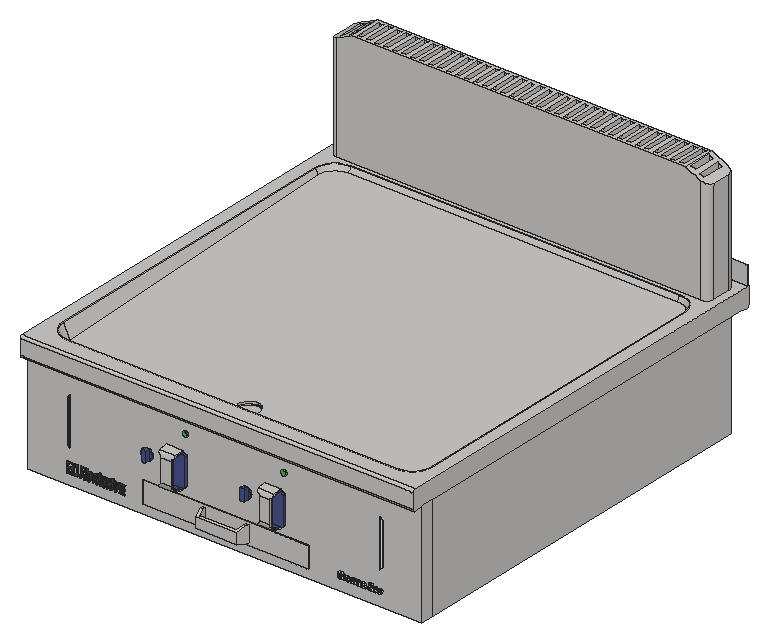
Revit family "QF_ELECTROLUXPROFESSIONAL_588533_MBHMBBHOPO", category Attrezzature speciali, Revit 2020
Family settings
  Quota connettore circolare = Usa diametro
  Tipo di parte = Normale
  Basato su piano di lavoro = No
  Sempre verticale = Sì
  Taglio con vuoti quando caricato = No
  Condiviso = No
  Punto di calcolo locali = No
Parameters (values of type "Standard")
  Weight = 120.00 kg
  Watts = 0 W
  Volts = 0 V
  URL Manufacturer = "https://www.electroluxprofessional.com/"
  URL = "https://www.electroluxprofessional.com/"
  Steam Supply Size = 0"
  Steam Supply Minimum Pressure = 0.00 psi
  Steam Supply Maximum Pressure = 0.00 psi
  Steam Consumption per Hour = 0
  Refrigeration Suction Line Size = 0 mm
  Refrigeration Liquid Line Size = 0 mm
  Refrigerant Compressor Remote = yes
  Prospetto di default = 0 mm
  Phase = 0
  Modello = "MBHMBBHOPO"
  Produttore = "Electrolux Professional"
  Length Actual = 800 mm  # constant formula
  Item Number = "588533"
  Hot Water Size = 0"
  Height Actual = 250 mm  # constant formula
  HP = "0 HP"
  Gas Size = 1/2"
  Gas KW = 20
  Gas Input Pressure = 0.672036 Btu/h
  Direct Waste Size = 0"
  Descrizione = "GAS FRYTOP,SMOOTH,1-S,BSPL,800X850X250H"
  Depth Actual = 850 mm  # constant formula
  Cycle = 0 Hz
  Condensate Return Size = 0"
  Compressed Air Volume = 0 GPM
  Compressed Air Size = 0"
  Compressed Air Pressure = 0.00 psi
  Cold Water Size = 0"
  Accessory = yes
Reference planes
  plane 1 "BACK": y = 0
  plane 2: z = 0
  plane 3 "LEFT": x = 0
  plane 4 "RIGHT": x = 800
  plane 5 "FRONT": y = -850
  plane 6 "TOP": z = 900
  plane 7 "Center (Left/Right)": x = 400
  plane 8: y = -425
  plane 9: y = -150
  plane 10: y = -65
  plane 11: y = -813
  plane 12 "GasY": y = -540
  plane 13: z = 938
  plane 14 "BaseTop": z = 650
  plane 15: y = -805
  plane 16 "Camino": y = -50
  plane 17: z = 1131
  plane 18 "GASx": x = 764
Forms (mm)
  Extrusion 1, solid, material "QF_Finishes_Stainless Steel"
    sketch origin (-178.969, -4572, 100) x (-1, 0, 0) y (0, -1, 0)
      loop
        line (-178.969, -4527) -> (-178.969, -3767) -> (-978.969, -3767) -> (-978.969, -4527) -> (-178.969, -4527)
    from 550 to 762.969
  Extrusion 2, solid, material "QF_Finishes_Stainless Steel"
    sketch origin (400, 296.4, 1219.2) x (0, 1, 0) y (0, 0, 1)
      loop
        line (-296.4, -319.2) -> (-1141.4, -319.2)
        arc (-1141.4, -319.2) -> (-1144.935, -320.664) -> (-1146.4, -324.2) r 5
        line (-1146.4, -324.2) -> (-1146.4, -355.2)
        arc (-1146.4, -355.2) -> (-1144.971, -358.264) -> (-1141.705, -359.139) r 4
        line (-1141.705, -359.139) -> (-1126.4, -356.231) -> (-316.4, -356.231) -> (-301.094, -359.139)
        arc (-301.094, -359.139) -> (-297.829, -358.264) -> (-296.4, -355.2) r 4
        line (-296.4, -355.2) -> (-296.4, -319.2)
    from -400 to 400
  Extrusion 3, void
    sketch origin (0, 0, 900) x (-1, 0, 0) y (0, -1, 0)
      loop
        arc (-65, 92) -> (-36.716, 103.716) -> (-25, 132) r 40
        line (-25, 132) -> (-25, 773)
        arc (-25, 773) -> (-36.716, 801.284) -> (-65, 813) r 40
        line (-65, 813) -> (-735, 813)
        arc (-735, 813) -> (-763.284, 801.284) -> (-775, 773) r 40
        line (-775, 773) -> (-775, 132)
        arc (-775, 132) -> (-763.284, 103.716) -> (-735, 92) r 40
        line (-735, 92) -> (-65, 92)
    from 0 to -30
  Extrusion 4, solid, material "QF_Finishes_Stainless Steel"
    sketch origin (400, 296.4, 1219.2) x (0, 1, 0) y (0, 0, 1)
      loop
        line (-296.4, -319.2) -> (-296.4, -281.2) -> (-298.4, -281.2) -> (-298.4, -319.2) -> (-296.4, -319.2)
    from 400 to -400
  Extrusion 5, solid, material "QF_Finishes_Stainless Steel"
    sketch origin (9, 0, 650) x (-1, 0, 0) y (0, -1, 0)
      loop
        circle (-755, 540) r 10.1
    from 0 to -10
  Sweep 6, solid, material "QF_Finishes_Stainless Steel"
    path origin (0, 0, 900) x (-1, 0, 0) y (0, -1, 0)
      loop
        line (-25, 132) -> (-25, 773)
        arc (-25, 773) -> (-36.716, 801.284) -> (-65, 813) r 40
        line (-65, 813) -> (-735, 813)
        arc (-735, 813) -> (-763.284, 801.284) -> (-775, 773) r 40
        line (-775, 773) -> (-775, 132)
        arc (-775, 132) -> (-763.284, 103.716) -> (-735, 92) r 40
        line (-735, 92) -> (-65, 92)
        arc (-65, 92) -> (-36.716, 103.716) -> (-25, 132) r 40
    profile origin (25, -452.5, 900) x (1, 0, 0) y (0, 0, 1)
      loop
        line (0, 0) -> (0, -30) -> (15, -30) -> (0, 0)
  Extrusion 7, void
    sketch origin (305.009, 0, 900) x (-1, 0, 0) y (0, -1, 0)
      loop
        circle (-94.991, 769) r 22.248
    from -32.282 to -6.62
  Extrusion 8, solid, material "QF_Finishes_Stainless Steel"
    sketch origin (0, -50, 900) x (1, 0, 0) y (0, 0, 1)
      loop
        line (15, 0) -> (785, 0) -> (785, 209.869) -> (739.685, 231) -> (60.315, 231) -> (15, 209.869) -> (15, 0)
    from 33 to -33
  Extrusion 9, void
    sketch origin (0, 0, 900) x (-1, 0, 0) y (0, -1, 0)
      loop
        line (-15, 83) -> (-30, 83)
        arc (-30, 83) -> (-19.393, 78.607) -> (-15, 68) r 15
        line (-15, 68) -> (-15, 83)
      loop
        line (-15, 17) -> (-15, 32)
        arc (-15, 32) -> (-19.393, 21.393) -> (-30, 17) r 15
        line (-30, 17) -> (-15, 17)
      loop
        line (-785, 83) -> (-785, 68)
        arc (-785, 68) -> (-780.607, 78.607) -> (-770, 83) r 15
        line (-770, 83) -> (-785, 83)
      loop
        line (-785, 17) -> (-770, 17)
        arc (-770, 17) -> (-780.607, 21.393) -> (-785, 32) r 15
        line (-785, 32) -> (-785, 17)
      loop
        line (-413.234, 23) -> (-413.234, 77) -> (-423.234, 77) -> (-423.234, 23) -> (-413.234, 23)
      loop
        line (-395, 23) -> (-395, 77) -> (-405, 77) -> (-405, 23) -> (-395, 23)
      loop
        line (-431.469, 23) -> (-431.469, 77) -> (-441.469, 77) -> (-441.469, 23) -> (-431.469, 23)
      loop
        line (-449.703, 23) -> (-449.703, 77) -> (-459.703, 77) -> (-459.703, 23) -> (-449.703, 23)
      loop
        line (-467.938, 23) -> (-467.938, 77) -> (-477.938, 77) -> (-477.938, 23) -> (-467.938, 23)
      loop
        line (-486.172, 23) -> (-486.172, 77) -> (-496.172, 77) -> (-496.172, 23) -> (-486.172, 23)
      loop
        line (-504.406, 23) -> (-504.406, 77) -> (-514.406, 77) -> (-514.406, 23) -> (-504.406, 23)
      loop
        line (-522.641, 23) -> (-522.641, 77) -> (-532.641, 77) -> (-532.641, 23) -> (-522.641, 23)
      loop
        line (-540.875, 23) -> (-540.875, 77) -> (-550.875, 77) -> (-550.875, 23) -> (-540.875, 23)
      loop
        line (-559.109, 23) -> (-559.109, 77) -> (-569.109, 77) -> (-569.109, 23) -> (-559.109, 23)
      loop
        line (-577.344, 23) -> (-577.344, 77) -> (-587.344, 77) -> (-587.344, 23) -> (-577.344, 23)
      loop
        line (-595.578, 23) -> (-595.578, 77) -> (-605.578, 77) -> (-605.578, 23) -> (-595.578, 23)
      loop
        line (-613.813, 23) -> (-613.813, 77) -> (-623.813, 77) -> (-623.813, 23) -> (-613.813, 23)
      loop
        line (-632.047, 23) -> (-632.047, 77) -> (-642.047, 77) -> (-642.047, 23) -> (-632.047, 23)
      loop
        line (-650.281, 23) -> (-650.281, 77) -> (-660.281, 77) -> (-660.281, 23) -> (-650.281, 23)
      loop
        line (-668.516, 23) -> (-668.516, 77) -> (-678.516, 77) -> (-678.516, 23) -> (-668.516, 23)
      loop
        line (-686.75, 23) -> (-686.75, 77) -> (-696.75, 77) -> (-696.75, 23) -> (-686.75, 23)
      loop
        line (-704.985, 23) -> (-704.985, 77) -> (-714.985, 77) -> (-714.985, 23) -> (-704.985, 23)
      loop
        line (-723.219, 23) -> (-723.219, 77) -> (-733.219, 77) -> (-733.219, 23) -> (-723.219, 23)
      loop
        line (-741.453, 26) -> (-741.453, 74) -> (-751.453, 74) -> (-751.453, 26) -> (-741.453, 26)
      loop
        line (-759.688, 26) -> (-759.688, 74) -> (-769.688, 74) -> (-769.688, 26) -> (-759.688, 26)
      loop
        line (-386.766, 23) -> (-376.766, 23) -> (-376.766, 77) -> (-386.766, 77) -> (-386.766, 23)
      loop
        line (-368.531, 23) -> (-358.531, 23) -> (-358.531, 77) -> (-368.531, 77) -> (-368.531, 23)
      loop
        line (-350.297, 23) -> (-340.297, 23) -> (-340.297, 77) -> (-350.297, 77) -> (-350.297, 23)
      loop
        line (-332.062, 23) -> (-322.062, 23) -> (-322.062, 77) -> (-332.062, 77) -> (-332.062, 23)
      loop
        line (-313.828, 23) -> (-303.828, 23) -> (-303.828, 77) -> (-313.828, 77) -> (-313.828, 23)
      loop
        line (-295.594, 23) -> (-285.594, 23) -> (-285.594, 77) -> (-295.594, 77) -> (-295.594, 23)
      loop
        line (-277.359, 23) -> (-267.359, 23) -> (-267.359, 77) -> (-277.359, 77) -> (-277.359, 23)
      loop
        line (-259.125, 23) -> (-249.125, 23) -> (-249.125, 77) -> (-259.125, 77) -> (-259.125, 23)
      loop
        line (-240.891, 23) -> (-230.891, 23) -> (-230.891, 77) -> (-240.891, 77) -> (-240.891, 23)
      loop
        line (-222.656, 23) -> (-212.656, 23) -> (-212.656, 77) -> (-222.656, 77) -> (-222.656, 23)
      loop
        line (-204.422, 23) -> (-194.422, 23) -> (-194.422, 77) -> (-204.422, 77) -> (-204.422, 23)
      loop
        line (-186.187, 23) -> (-176.187, 23) -> (-176.187, 77) -> (-186.187, 77) -> (-186.187, 23)
      loop
        line (-167.953, 23) -> (-157.953, 23) -> (-157.953, 77) -> (-167.953, 77) -> (-167.953, 23)
      loop
        line (-149.719, 23) -> (-139.719, 23) -> (-139.719, 77) -> (-149.719, 77) -> (-149.719, 23)
      loop
        line (-131.484, 23) -> (-121.484, 23) -> (-121.484, 77) -> (-131.484, 77) -> (-131.484, 23)
      loop
        line (-113.25, 23) -> (-103.25, 23) -> (-103.25, 77) -> (-113.25, 77) -> (-113.25, 23)
      loop
        line (-95.015, 23) -> (-85.015, 23) -> (-85.015, 77) -> (-95.015, 77) -> (-95.015, 23)
      loop
        line (-76.781, 23) -> (-66.781, 23) -> (-66.781, 77) -> (-76.781, 77) -> (-76.781, 23)
      loop
        line (-58.547, 26) -> (-48.547, 26) -> (-48.547, 74) -> (-58.547, 74) -> (-58.547, 26)
      loop
        line (-40.312, 26) -> (-30.312, 26) -> (-30.312, 74) -> (-40.312, 74) -> (-40.312, 26)
    from 231 to 0
  Extrusion 10, solid, material "QF_Finishes_Stainless Steel"
    sketch origin (400, 296.4, 1219.2) x (0, 1, 0) y (0, 0, 1)
      loop
        line (-1109.4, -349.2) -> (-388.4, -349.2) -> (-388.4, -329.2) -> (-1109.4, -347.5) -> (-1109.4, -349.2)
    from -375 to 375
  Extrusion 11, void
    sketch origin (305.009, 0, 900) x (-1, 0, 0) y (0, -1, 0)
      loop
        circle (-94.991, 769) r 22.248
    from -32.282 to -6.62
Cuts and joins
  Extrusion 3, Extrusion 7, Extrusion 9, Extrusion 11 cuts Extrusion 2
  Extrusion 9 cuts Extrusion 8
  Extrusion 11 cuts Sweep 6
  Extrusion 11 cuts Extrusion 10
  joined: Sweep 6, Extrusion 10
Lines and regions (mm)
  symbolic lines
    curve 1: line (0, 0, 100) -> (800, 0, 100)
    curve 2: line (0, -850, 100) -> (0, 0, 100)
    curve 3: line (800, -850, 100) -> (0, -850, 100)
    curve 4: line (800, 0, 100) -> (800, -850, 100)
    curve 5: line (0, -2, 0) -> (800, -2, 0)
    curve 6: line (734.029, -92, 0) -> (65.29, -92, 0)
    curve 7: line (65.29, -813, 0) -> (734.029, -813, 0)
    curve 8: line (65, -107, 900) -> (735, -107, 900)
    curve 9: line (735, -798, 900) -> (65, -798, 900)
    curve 10: arc (760, -773, 900) -> (752.678, -790.678, 900) -> (735, -798, 900) r 25
    curve 11: line (760, -132, 900) -> (760, -773, 900)
    curve 12: arc (735, -107, 900) -> (752.678, -114.322, 900) -> (760, -132, 900) r 25
    curve 13: circle (400, -769, 900) r 22.248 normal (0, 0, 1)
    curve 14: arc (90.5, -112.483, 900) -> (62.314, -124.096, 900) -> (50.5, -152.198, 900) r 39.994
    curve 15: line (90.5, -112.482, 900) -> (710.5, -112.482, 900)
    curve 16: line (50.5, -686.082, 900) -> (50.5, -152.198, 900)
    curve 17: arc (50.5, -686.082, 900) -> (62.314, -714.184, 900) -> (90.5, -725.797, 900) r 39.994
    curve 18: line (710.5, -725.798, 900) -> (90.5, -725.798, 900)
    curve 19: line (40.29, -731.526, 900) -> (760, -731.526, 900)
    curve 20: line (40.29, -741.526, 900) -> (760, -741.526, 900)
    curve 21: arc (65, -92, 900) -> (36.716, -103.716, 900) -> (25, -132, 900) r 40
    curve 22: line (25, -132, 900) -> (25, -773, 900)
    curve 23: arc (25, -773, 900) -> (36.716, -801.284, 900) -> (65, -813, 900) r 40
    curve 24: arc (735, -813, 900) -> (763.284, -801.284, 900) -> (775, -773, 900) r 40
    curve 25: line (775, -773, 900) -> (775, -132, 900)
    curve 26: arc (775, -132, 900) -> (763.284, -103.716, 900) -> (735, -92, 900) r 40
    curve 27: arc (709.5, -112.483, 900) -> (737.686, -124.096, 900) -> (749.5, -152.198, 900) r 39.994
    curve 28: line (749.5, -686.082, 900) -> (749.5, -152.198, 900)
    curve 29: arc (749.5, -686.082, 900) -> (737.686, -714.184, 900) -> (709.5, -725.797, 900) r 39.994
    curve 30: arc (65, -798, 900) -> (47.322, -790.678, 900) -> (40, -773, 900) r 25
    curve 31: line (40, -773, 900) -> (40, -132, 900)
    curve 32: arc (40, -132, 900) -> (47.322, -114.322, 900) -> (65, -107, 900) r 25
    curve 33: line (30, -83, 650) -> (770, -83, 650)
    curve 34: line (770, -17, 650) -> (30, -17, 650)
    curve 35: arc (15, -32, 650) -> (19.393, -21.393, 650) -> (30, -17, 650) r 15
    curve 36: line (15, -32, 650) -> (15, -68, 650)
    curve 37: arc (30, -83, 650) -> (19.393, -78.607, 650) -> (15, -68, 650) r 15
    curve 38: arc (785, -68, 650) -> (780.607, -78.607, 650) -> (770, -83, 650) r 15
    curve 39: line (785, -68, 650) -> (785, -32, 650)
    curve 40: arc (770, -17, 650) -> (780.607, -21.393, 650) -> (785, -32, 650) r 15
    curve 41: line (30.312, -26, 650) -> (30.312, -74, 650)
    curve 42: line (40.312, -26, 650) -> (30.312, -26, 650)
    curve 43: line (30.312, -74, 650) -> (40.312, -74, 650)
    curve 44: line (40.312, -74, 650) -> (40.312, -26, 650)
    curve 45: line (48.547, -74, 650) -> (58.547, -74, 650)
    curve 46: line (48.547, -26, 650) -> (48.547, -74, 650)
    curve 47: line (58.547, -26, 650) -> (48.547, -26, 650)
    curve 48: line (58.547, -74, 650) -> (58.547, -26, 650)
    curve 49: line (66.781, -23, 650) -> (66.781, -77, 650)
    curve 50: line (66.781, -23, 650) -> (76.781, -23, 650)
    curve 51: line (76.781, -23, 650) -> (76.781, -77, 650)
    curve 52: line (76.781, -77, 650) -> (66.781, -77, 650)
    curve 53: line (85.015, -23, 650) -> (85.015, -77, 650)
    curve 54: line (85.015, -23, 650) -> (95.015, -23, 650)
    curve 55: line (95.015, -23, 650) -> (95.015, -77, 650)
    curve 56: line (95.015, -77, 650) -> (85.015, -77, 650)
    curve 57: line (103.25, -23, 650) -> (103.25, -77, 650)
    curve 58: line (103.25, -23, 650) -> (113.25, -23, 650)
    curve 59: line (113.25, -23, 650) -> (113.25, -77, 650)
    curve 60: line (113.25, -77, 650) -> (103.25, -77, 650)
    curve 61: line (121.484, -23, 650) -> (121.484, -77, 650)
    curve 62: line (121.484, -23, 650) -> (131.484, -23, 650)
    curve 63: line (131.484, -23, 650) -> (131.484, -77, 650)
    curve 64: line (131.484, -77, 650) -> (121.484, -77, 650)
    curve 65: line (139.719, -23, 650) -> (139.719, -77, 650)
    curve 66: line (139.719, -23, 650) -> (149.719, -23, 650)
    curve 67: line (149.719, -23, 650) -> (149.719, -77, 650)
    curve 68: line (149.719, -77, 650) -> (139.719, -77, 650)
    curve 69: line (157.953, -23, 650) -> (157.953, -77, 650)
    curve 70: line (157.953, -23, 650) -> (167.953, -23, 650)
    curve 71: line (167.953, -23, 650) -> (167.953, -77, 650)
    curve 72: line (167.953, -77, 650) -> (157.953, -77, 650)
    curve 73: line (176.187, -23, 650) -> (176.187, -77, 650)
    curve 74: line (176.187, -23, 650) -> (186.187, -23, 650)
    curve 75: line (186.187, -23, 650) -> (186.187, -77, 650)
    curve 76: line (186.187, -77, 650) -> (176.187, -77, 650)
    curve 77: line (194.422, -23, 650) -> (194.422, -77, 650)
    curve 78: line (194.422, -23, 650) -> (204.422, -23, 650)
    curve 79: line (204.422, -23, 650) -> (204.422, -77, 650)
    curve 80: line (204.422, -77, 650) -> (194.422, -77, 650)
    curve 81: line (212.656, -23, 650) -> (212.656, -77, 650)
    curve 82: line (212.656, -23, 650) -> (222.656, -23, 650)
    curve 83: line (222.656, -23, 650) -> (222.656, -77, 650)
    curve 84: line (222.656, -77, 650) -> (212.656, -77, 650)
    curve 85: line (230.891, -23, 650) -> (230.891, -77, 650)
    curve 86: line (230.891, -23, 650) -> (240.891, -23, 650)
    curve 87: line (240.891, -23, 650) -> (240.891, -77, 650)
    curve 88: line (240.891, -77, 650) -> (230.891, -77, 650)
    curve 89: line (249.125, -23, 650) -> (249.125, -77, 650)
    curve 90: line (249.125, -23, 650) -> (259.125, -23, 650)
    curve 91: line (259.125, -23, 650) -> (259.125, -77, 650)
    curve 92: line (259.125, -77, 650) -> (249.125, -77, 650)
    curve 93: line (267.359, -23, 650) -> (267.359, -77, 650)
    curve 94: line (267.359, -23, 650) -> (277.359, -23, 650)
    curve 95: line (277.359, -23, 650) -> (277.359, -77, 650)
    curve 96: line (277.359, -77, 650) -> (267.359, -77, 650)
    curve 97: line (285.594, -23, 650) -> (285.594, -77, 650)
    curve 98: line (285.594, -23, 650) -> (295.594, -23, 650)
    curve 99: line (295.594, -23, 650) -> (295.594, -77, 650)
    curve 100: line (295.594, -77, 650) -> (285.594, -77, 650)
    curve 101: line (303.828, -23, 650) -> (303.828, -77, 650)
    curve 102: line (303.828, -23, 650) -> (313.828, -23, 650)
    curve 103: line (313.828, -23, 650) -> (313.828, -77, 650)
    curve 104: line (313.828, -77, 650) -> (303.828, -77, 650)
    curve 105: line (322.062, -23, 650) -> (322.062, -77, 650)
    curve 106: line (322.062, -23, 650) -> (332.062, -23, 650)
    curve 107: line (332.062, -23, 650) -> (332.062, -77, 650)
    curve 108: line (332.062, -77, 650) -> (322.062, -77, 650)
    curve 109: line (340.297, -23, 650) -> (340.297, -77, 650)
    curve 110: line (340.297, -23, 650) -> (350.297, -23, 650)
    curve 111: line (350.297, -23, 650) -> (350.297, -77, 650)
    curve 112: line (350.297, -77, 650) -> (340.297, -77, 650)
    curve 113: line (358.531, -23, 650) -> (358.531, -77, 650)
    curve 114: line (358.531, -23, 650) -> (368.531, -23, 650)
    curve 115: line (368.531, -23, 650) -> (368.531, -77, 650)
    curve 116: line (368.531, -77, 650) -> (358.531, -77, 650)
    curve 117: line (376.766, -23, 650) -> (376.766, -77, 650)
    curve 118: line (376.766, -23, 650) -> (386.766, -23, 650)
    curve 119: line (386.766, -23, 650) -> (386.766, -77, 650)
    curve 120: line (386.766, -77, 650) -> (376.766, -77, 650)
    curve 121: line (395, -23, 650) -> (395, -77, 650)
    curve 122: line (395, -23, 650) -> (405, -23, 650)
    curve 123: line (405, -23, 650) -> (405, -77, 650)
    curve 124: line (405, -77, 650) -> (395, -77, 650)
    curve 125: line (413.234, -23, 650) -> (413.234, -77, 650)
    curve 126: line (413.234, -23, 650) -> (423.234, -23, 650)
    curve 127: line (423.234, -23, 650) -> (423.234, -77, 650)
    curve 128: line (423.234, -77, 650) -> (413.234, -77, 650)
    curve 129: line (431.469, -23, 650) -> (431.469, -77, 650)
    curve 130: line (431.469, -23, 650) -> (441.469, -23, 650)
    curve 131: line (441.469, -23, 650) -> (441.469, -77, 650)
    curve 132: line (441.469, -77, 650) -> (431.469, -77, 650)
    curve 133: line (449.703, -23, 650) -> (449.703, -77, 650)
    curve 134: line (449.703, -23, 650) -> (459.703, -23, 650)
    curve 135: line (459.703, -23, 650) -> (459.703, -77, 650)
    curve 136: line (459.703, -77, 650) -> (449.703, -77, 650)
    curve 137: line (467.938, -23, 650) -> (467.938, -77, 650)
    curve 138: line (467.938, -23, 650) -> (477.938, -23, 650)
    curve 139: line (477.938, -23, 650) -> (477.938, -77, 650)
    curve 140: line (477.938, -77, 650) -> (467.938, -77, 650)
    curve 141: line (486.172, -23, 650) -> (486.172, -77, 650)
    curve 142: line (486.172, -23, 650) -> (496.172, -23, 650)
    curve 143: line (496.172, -23, 650) -> (496.172, -77, 650)
    curve 144: line (496.172, -77, 650) -> (486.172, -77, 650)
    curve 145: line (504.406, -23, 650) -> (504.406, -77, 650)
    curve 146: line (504.406, -23, 650) -> (514.406, -23, 650)
    curve 147: line (514.406, -23, 650) -> (514.406, -77, 650)
    curve 148: line (514.406, -77, 650) -> (504.406, -77, 650)
    curve 149: line (522.641, -23, 650) -> (522.641, -77, 650)
    curve 150: line (522.641, -23, 650) -> (532.641, -23, 650)
    curve 151: line (532.641, -23, 650) -> (532.641, -77, 650)
    curve 152: line (532.641, -77, 650) -> (522.641, -77, 650)
    curve 153: line (540.875, -23, 650) -> (540.875, -77, 650)
    curve 154: line (540.875, -23, 650) -> (550.875, -23, 650)
    curve 155: line (550.875, -23, 650) -> (550.875, -77, 650)
    curve 156: line (550.875, -77, 650) -> (540.875, -77, 650)
    curve 157: line (559.109, -23, 650) -> (559.109, -77, 650)
    curve 158: line (559.109, -23, 650) -> (569.109, -23, 650)
    curve 159: line (569.109, -23, 650) -> (569.109, -77, 650)
    curve 160: line (569.109, -77, 650) -> (559.109, -77, 650)
    curve 161: line (577.344, -23, 650) -> (577.344, -77, 650)
    curve 162: line (577.344, -23, 650) -> (587.344, -23, 650)
    curve 163: line (587.344, -23, 650) -> (587.344, -77, 650)
    curve 164: line (587.344, -77, 650) -> (577.344, -77, 650)
    curve 165: line (595.578, -23, 650) -> (595.578, -77, 650)
    curve 166: line (595.578, -23, 650) -> (605.578, -23, 650)
    curve 167: line (605.578, -23, 650) -> (605.578, -77, 650)
    curve 168: line (605.578, -77, 650) -> (595.578, -77, 650)
    curve 169: line (613.813, -23, 650) -> (613.813, -77, 650)
    curve 170: line (613.813, -23, 650) -> (623.813, -23, 650)
    curve 171: line (623.813, -23, 650) -> (623.813, -77, 650)
    curve 172: line (623.813, -77, 650) -> (613.813, -77, 650)
    curve 173: line (632.047, -23, 650) -> (632.047, -77, 650)
    curve 174: line (632.047, -23, 650) -> (642.047, -23, 650)
    curve 175: line (642.047, -23, 650) -> (642.047, -77, 650)
    curve 176: line (642.047, -77, 650) -> (632.047, -77, 650)
    curve 177: line (650.281, -23, 650) -> (650.281, -77, 650)
    curve 178: line (650.281, -23, 650) -> (660.281, -23, 650)
    curve 179: line (660.281, -23, 650) -> (660.281, -77, 650)
    curve 180: line (660.281, -77, 650) -> (650.281, -77, 650)
    curve 181: line (668.516, -23, 650) -> (668.516, -77, 650)
    curve 182: line (668.516, -23, 650) -> (678.516, -23, 650)
    curve 183: line (678.516, -23, 650) -> (678.516, -77, 650)
    curve 184: line (678.516, -77, 650) -> (668.516, -77, 650)
    curve 185: line (686.75, -23, 650) -> (686.75, -77, 650)
    curve 186: line (686.75, -23, 650) -> (696.75, -23, 650)
    curve 187: line (696.75, -23, 650) -> (696.75, -77, 650)
    curve 188: line (696.75, -77, 650) -> (686.75, -77, 650)
    curve 189: line (704.985, -23, 650) -> (704.985, -77, 650)
    curve 190: line (704.985, -23, 650) -> (714.985, -23, 650)
    curve 191: line (714.985, -23, 650) -> (714.985, -77, 650)
    curve 192: line (714.985, -77, 650) -> (704.985, -77, 650)
    curve 193: line (723.219, -23, 650) -> (723.219, -77, 650)
    curve 194: line (723.219, -23, 650) -> (733.219, -23, 650)
    curve 195: line (733.219, -23, 650) -> (733.219, -77, 650)
    curve 196: line (733.219, -77, 650) -> (723.219, -77, 650)
    curve 197: line (741.453, -26, 650) -> (741.453, -74, 650)
    curve 198: line (741.453, -26, 650) -> (751.453, -26, 650)
    curve 199: line (751.453, -26, 650) -> (751.453, -74, 650)
    curve 200: line (751.453, -74, 650) -> (741.453, -74, 650)
    curve 201: line (759.688, -26, 650) -> (759.688, -74, 650)
    curve 202: line (759.688, -26, 650) -> (769.688, -26, 650)
    curve 203: line (769.688, -26, 650) -> (769.688, -74, 650)
    curve 204: line (769.688, -74, 650) -> (759.688, -74, 650)
Dimensions and locks
  plane 3 "LEFT" to plane 4 "RIGHT" = 800 mm
  locked: plane 5 "FRONT" to plane 1 "BACK" at 850
  plane 3 "LEFT" to plane 7 "Center (Left/Right)" to plane 4 "RIGHT" = 400 mm, 400 mm
  equal spacing: plane 5 "FRONT", plane 8, plane 1 "BACK"
  plane 6 "TOP" to level = 900 mm  (x2)
  plane 1 "BACK" to plane 9 = 150 mm
  plane 12 "GasY" to plane 1 "BACK" = 540 mm
  plane 13 to plane 6 "TOP" = 38 mm
  plane 10 to plane 1 "BACK" = 65 mm
  plane 5 "FRONT" to plane 11 = 37 mm
  locked: plane 6 "TOP" to plane 14 "BaseTop" at 250
  locked: plane 15 to plane 5 "FRONT" at 45
  plane 16 "Camino" to plane 1 "BACK" = 50 mm
  plane 17 to plane 6 "TOP" = 231 mm
  plane 18 "GASx" to plane 4 "RIGHT" = 36 mm
  aligned and locked: level to plane 2
  aligned and locked: cut or joined group of Extrusion 2, Extrusion 3, Extrusion 7, Extrusion 9, Extrusion 11 to plane 3 "LEFT"
  aligned and locked: cut or joined group of Extrusion 2, Extrusion 3, Extrusion 7, Extrusion 9, Extrusion 11 to plane 4 "RIGHT"
  aligned and locked: nested 1 to plane 15
  aligned and locked: Extrusion 1 to plane 15
  aligned and locked: Extrusion 4 to plane 3 "LEFT"
  aligned and locked: Extrusion 4 to plane 4 "RIGHT"
  aligned and locked: plane 3 "LEFT" to nested 1
Automatic sketch dimensions
  curve 5 to plane 3 "LEFT" = 0 mm
  plane 11 to curve 7 = 0 mm
  curve 5 to plane 4 "RIGHT" = 0 mm
  plane 10 to curve 6 = 27 mm
  plane 3 "LEFT" to curve 6 = 65.29 mm
  plane 3 "LEFT" to curve 7 = 65.29 mm
  plane 18 "GASx" to curve 6 = 29.971 mm
  plane 18 "GASx" to curve 7 = 29.971 mm
  plane 1 "BACK" to curve 5 = 2 mm
  Extrusion 1 sketch curve to plane 4 "RIGHT" = 0 mm
  Extrusion 1 sketch curve to plane 3 "LEFT" = 0 mm
  Extrusion 1 sketch curve to plane 15 = 0 mm
  Extrusion 1 sketch curve to plane 16 "Camino" = 5 mm
  plane 1 "BACK" to curve 1 = 0 mm
  curve 1 to plane 4 "RIGHT" = 0 mm
  curve 3 to plane 3 "LEFT" = 0 mm
  plane 5 "FRONT" to curve 3 = 0 mm
  Extrusion 2 sketch curve to plane 5 "FRONT" = 0 mm
  Extrusion 2 sketch curve to plane 6 "TOP" = 0 mm
  Extrusion 2 sketch curve to plane 1 "BACK" = 0 mm
  Extrusion 2 sketch curve to Extrusion 2 sketch curve = 4 mm
  Extrusion 2 sketch curve to Extrusion 2 sketch curve = 0.695 mm
  Extrusion 2 sketch curve to plane 5 "FRONT" = 5 mm
  Extrusion 2 sketch curve to Extrusion 2 sketch curve = 15.305 mm
  plane 1 "BACK" to Extrusion 2 sketch curve = 20 mm
  plane 1 "BACK" to Extrusion 2 sketch curve = 4.695 mm
  plane 1 "BACK" to Extrusion 2 sketch curve = 4 mm
  Extrusion 2 sketch curve to Extrusion 2 sketch curve = 31 mm
  Extrusion 2 sketch curve to Extrusion 2 sketch curve = 36 mm
  Extrusion 2 sketch curve to Extrusion 2 sketch curve = 2.909 mm
  plane 11 to Extrusion 3 sketch curve = 0 mm
  Extrusion 3 sketch curve to plane 18 "GASx" = 11 mm
  plane 18 "GASx" to Extrusion 3 sketch curve = 29 mm  (x2)
  plane 3 "LEFT" to Extrusion 3 sketch curve = 65 mm  (x2)
  plane 9 to Extrusion 3 sketch curve = 18 mm
  plane 3 "LEFT" to Extrusion 3 sketch curve = 25 mm
  curve 10 to curve 24 = 0 mm  (x2)
  curve 12 to curve 26 = 0 mm  (x2)
  curve 21 to curve 32 = 0 mm  (x2)
  curve 23 to curve 30 = 0 mm  (x2)
  plane 11 to curve 24 = 0 mm
  curve 13 to plane 7 "Center (Left/Right)" = 0 mm
  plane 11 to curve 23 = 0 mm
  curve 29 to plane 12 "GasY" = 145.803 mm
  plane 18 "GASx" to curve 29 = 54.493 mm
  curve 27 to plane 9 = 2.477 mm
  plane 18 "GASx" to curve 27 = 54.493 mm
  plane 9 to curve 12 = 18 mm
  plane 18 "GASx" to curve 12 = 29 mm
  plane 18 "GASx" to curve 24 = 29 mm
  curve 28 to plane 9 = 2.198 mm
  plane 18 "GASx" to curve 28 = 14.5 mm
  plane 18 "GASx" to curve 11 = 4 mm
  curve 25 to plane 18 "GASx" = 11 mm
  curve 17 to plane 12 "GasY" = 145.803 mm
  plane 3 "LEFT" to curve 17 = 90.493 mm
  curve 14 to plane 9 = 2.477 mm
  plane 3 "LEFT" to curve 14 = 90.493 mm
  curve 14 to curve 21 = 25.493 mm
  curve 23 to plane 11 = 40 mm
  plane 3 "LEFT" to curve 23 = 65 mm
  curve 17 to curve 16 = 39.993 mm
  curve 16 to plane 9 = 2.198 mm
  curve 16 to plane 12 "GasY" = 146.082 mm
  curve 28 to plane 12 "GasY" = 146.082 mm
  curve 13 to plane 11 = 44 mm
  curve 8 to curve 27 = 25.5 mm
  curve 29 to curve 29 = 0.007 mm
  curve 15 to curve 27 = 1 mm
  curve 18 to curve 29 = 1 mm
  curve 18 to curve 17 = 0.007 mm
  curve 15 to curve 8 = 25.5 mm
  curve 15 to curve 14 = 0 mm
  curve 18 to curve 17 = 0 mm
  curve 20 to curve 30 = 0.29 mm
  curve 19 to curve 20 = 0 mm
  curve 15 to curve 14 = 0.001 mm
  curve 29 to curve 18 = 0.001 mm
  curve 19 to curve 30 = 41.474 mm
  curve 19 to curve 20 = 10 mm
  Extrusion 4 sketch curve to plane 6 "TOP" = 0 mm
  Extrusion 4 sketch curve to plane 13 = 0 mm
  Extrusion 4 sketch curve to plane 1 "BACK" = 0 mm
  Extrusion 4 sketch curve to Extrusion 4 sketch curve = 2 mm
  Extrusion 5 sketch curve to plane 12 "GasY" = 0 mm
  Extrusion 5 sketch curve to plane 18 "GASx" = 0 mm
  plane 11 to Sweep 6 sketch curve = 0 mm
  Sweep 6 sketch curve to plane 18 "GASx" = 11 mm
  plane 18 "GASx" to Sweep 6 sketch curve = 29 mm  (x2)
  plane 3 "LEFT" to Sweep 6 sketch curve = 65 mm  (x2)
  plane 10 to Sweep 6 sketch curve = 27 mm
  plane 3 "LEFT" to Sweep 6 sketch curve = 25 mm
  profile plane to Sweep 6 sketch curve = 0 mm
  Sweep 6 sketch curve to plane 6 "TOP" = 0 mm
  Sweep 6 sketch curve to profile plane = 15 mm
  Sweep 6 sketch curve to plane 6 "TOP" = 30 mm
  Extrusion 7 sketch curve to plane 7 "Center (Left/Right)" = 0 mm
  Extrusion 7 sketch curve to plane 11 = 44 mm
  Extrusion 7 sketch curve to plane 7 "Center (Left/Right)" = 12.288 mm
  Extrusion 7 sketch curve to Extrusion 7 sketch curve = 0 mm
  Extrusion 7 sketch curve to Extrusion 7 sketch curve = 18.547 mm
  Extrusion 8 sketch curve to plane 6 "TOP" = 0 mm
  Extrusion 8 sketch curve to plane 17 = 0 mm
  plane 3 "LEFT" to Extrusion 8 sketch curve = 15 mm
  Extrusion 8 sketch curve to Extrusion 8 sketch curve = 45.315 mm
  plane 18 "GASx" to Extrusion 8 sketch curve = 24.315 mm
  plane 4 "RIGHT" to Extrusion 8 sketch curve = 15 mm
  Extrusion 8 sketch curve to plane 17 = 21.131 mm  (x2)
  plane 10 to Extrusion 9 sketch curve = 3 mm  (x2)
  plane 4 "RIGHT" to Extrusion 9 sketch curve = 15 mm  (x2)
  Extrusion 9 sketch curve to plane 18 "GASx" = 6 mm  (x2)
  Extrusion 9 sketch curve to plane 18 "GASx" = 5.688 mm
  plane 18 "GASx" to Extrusion 9 sketch curve = 4.312 mm
  Extrusion 9 sketch curve to Extrusion 9 sketch curve = 8.234 mm  (x39)
  Extrusion 9 sketch curve to Extrusion 9 sketch curve = 10 mm  (x39)
  plane 7 "Center (Left/Right)" to Extrusion 9 sketch curve = 5 mm
  Extrusion 9 sketch curve to plane 7 "Center (Left/Right)" = 5 mm
  Extrusion 9 sketch curve to Extrusion 9 sketch curve = 0.312 mm  (x2)
  Extrusion 9 sketch curve to Extrusion 9 sketch curve = 15 mm  (x2)
  Extrusion 9 sketch curve to plane 16 "Camino" = 18 mm  (x2)
  Extrusion 9 sketch curve to plane 16 "Camino" = 24 mm
  Extrusion 9 sketch curve to Extrusion 9 sketch curve = 6 mm  (x2)
  Extrusion 9 sketch curve to Extrusion 9 sketch curve = 0 mm  (x67)
  plane 1 "BACK" to Extrusion 9 sketch curve = 23 mm  (x2)
  Extrusion 9 sketch curve to Extrusion 9 sketch curve = 3 mm  (x3)
  plane 10 to Extrusion 9 sketch curve = 9 mm  (x3)
  plane 10 to Extrusion 9 sketch curve = 12 mm  (x4)
  plane 10 to curve 39 = 3 mm
  plane 4 "RIGHT" to curve 39 = 15 mm
  curve 34 to plane 18 "GASx" = 6 mm
  curve 33 to plane 18 "GASx" = 6 mm
  curve 203 to plane 18 "GASx" = 5.688 mm
  plane 18 "GASx" to curve 202 = 4.312 mm
  curve 201 to curve 198 = 8.234 mm
  curve 198 to curve 198 = 10 mm
  curve 197 to curve 194 = 8.234 mm
  curve 195 to curve 196 = 10 mm
  curve 193 to curve 192 = 8.234 mm
  curve 190 to curve 190 = 10 mm
  curve 189 to curve 186 = 8.234 mm
  curve 186 to curve 186 = 10 mm
  curve 185 to curve 182 = 8.234 mm
  curve 183 to curve 184 = 10 mm
  curve 181 to curve 180 = 8.234 mm
  curve 178 to curve 178 = 10 mm
  curve 177 to curve 174 = 8.234 mm
  curve 174 to curve 174 = 10 mm
  curve 173 to curve 170 = 8.234 mm
  curve 171 to curve 172 = 10 mm
  curve 169 to curve 168 = 8.234 mm
  curve 166 to curve 166 = 10 mm
  curve 165 to curve 162 = 8.234 mm
  curve 162 to curve 162 = 10 mm
  curve 161 to curve 158 = 8.234 mm
  curve 159 to curve 160 = 10 mm
  curve 157 to curve 156 = 8.234 mm
  curve 154 to curve 154 = 10 mm
  curve 153 to curve 150 = 8.234 mm
  curve 150 to curve 150 = 10 mm
  curve 149 to curve 146 = 8.234 mm
  curve 147 to curve 148 = 10 mm
  curve 145 to curve 144 = 8.234 mm
  curve 142 to curve 142 = 10 mm
  curve 141 to curve 138 = 8.234 mm
  curve 138 to curve 138 = 10 mm
  curve 137 to curve 134 = 8.234 mm
  curve 135 to curve 136 = 10 mm
  curve 133 to curve 132 = 8.234 mm
  curve 130 to curve 130 = 10 mm
  curve 129 to curve 126 = 8.234 mm
  curve 126 to curve 126 = 10 mm
  plane 7 "Center (Left/Right)" to curve 123 = 5 mm
  curve 121 to plane 7 "Center (Left/Right)" = 5 mm
  curve 121 to curve 120 = 8.234 mm
  curve 118 to curve 117 = 10 mm
  curve 117 to curve 116 = 8.234 mm
  curve 114 to curve 114 = 10 mm
  curve 113 to curve 110 = 8.234 mm
  curve 110 to curve 110 = 10 mm
  curve 109 to curve 106 = 8.234 mm
  curve 107 to curve 108 = 10 mm
  curve 105 to curve 104 = 8.234 mm
  curve 102 to curve 102 = 10 mm
  curve 101 to curve 98 = 8.234 mm
  curve 98 to curve 98 = 10 mm
  curve 97 to curve 94 = 8.234 mm
  curve 95 to curve 96 = 10 mm
  curve 93 to curve 92 = 8.234 mm
  curve 90 to curve 90 = 10 mm
  curve 89 to curve 86 = 8.234 mm
  curve 86 to curve 86 = 10 mm
  curve 85 to curve 82 = 8.234 mm
  curve 83 to curve 84 = 10 mm
  curve 81 to curve 80 = 8.234 mm
  curve 78 to curve 78 = 10 mm
  curve 77 to curve 74 = 8.234 mm
  curve 74 to curve 74 = 10 mm
  curve 73 to curve 70 = 8.234 mm
  curve 70 to curve 70 = 10 mm
  curve 69 to curve 66 = 8.234 mm
  curve 67 to curve 68 = 10 mm
  curve 65 to curve 64 = 8.234 mm
  curve 63 to curve 64 = 10 mm
  curve 61 to curve 60 = 8.234 mm
  curve 59 to curve 60 = 10 mm
  curve 57 to curve 54 = 8.234 mm
  curve 54 to curve 54 = 10 mm
  curve 53 to curve 50 = 8.234 mm
  curve 51 to curve 52 = 10 mm
  curve 49 to curve 48 = 8.234 mm
  curve 47 to curve 46 = 10 mm
  curve 45 to curve 44 = 8.234 mm
  curve 42 to curve 42 = 10 mm
  curve 41 to curve 34 = 0.312 mm
  plane 10 to curve 37 = 3 mm
  curve 41 to curve 37 = 0.312 mm
  curve 35 to plane 16 "Camino" = 18 mm
  curve 46 to curve 35 = 6 mm
  curve 44 to curve 46 = 0 mm
  curve 202 to curve 40 = 6 mm
  curve 197 to curve 201 = 0 mm
  plane 1 "BACK" to curve 129 = 23 mm
  plane 1 "BACK" to curve 106 = 23 mm
  plane 1 "BACK" to curve 151 = 23 mm
  curve 150 to curve 153 = 0 mm
  curve 103 to curve 105 = 0 mm
  curve 154 to curve 157 = 0 mm
  curve 99 to curve 101 = 0 mm
  curve 158 to curve 161 = 0 mm
  curve 95 to curve 97 = 0 mm
  curve 162 to curve 165 = 0 mm
  curve 91 to curve 93 = 0 mm
  curve 166 to curve 169 = 0 mm
  curve 87 to curve 89 = 0 mm
  curve 170 to curve 173 = 0 mm
  curve 83 to curve 85 = 0 mm
  curve 174 to curve 177 = 0 mm
  curve 79 to curve 81 = 0 mm
  curve 178 to curve 181 = 0 mm
  curve 75 to curve 77 = 0 mm
  curve 182 to curve 185 = 0 mm
  curve 71 to curve 73 = 0 mm
  curve 186 to curve 189 = 0 mm
  curve 67 to curve 69 = 0 mm
  curve 190 to curve 193 = 0 mm
  curve 63 to curve 65 = 0 mm
  curve 59 to curve 61 = 0 mm
  curve 106 to curve 109 = 0 mm
  curve 147 to curve 149 = 0 mm  (x2)
  curve 55 to curve 57 = 0 mm
  curve 51 to curve 53 = 0 mm
  curve 110 to curve 113 = 0 mm
  curve 143 to curve 145 = 0 mm  (x2)
  curve 114 to curve 117 = 0 mm
  curve 139 to curve 141 = 0 mm  (x2)
  curve 118 to curve 121 = 0 mm
  curve 135 to curve 137 = 0 mm  (x2)
  curve 122 to curve 125 = 0 mm
  plane 10 to curve 44 = 9 mm
  plane 10 to curve 48 = 9 mm
  plane 10 to curve 199 = 9 mm
  curve 38 to curve 203 = 6 mm
  plane 10 to curve 128 = 12 mm
  curve 127 to curve 129 = 0 mm
  plane 10 to curve 124 = 12 mm
  curve 131 to curve 133 = 0 mm
  plane 10 to curve 120 = 12 mm
  plane 10 to curve 116 = 12 mm
  plane 10 to curve 112 = 12 mm
  plane 10 to curve 108 = 12 mm
  plane 10 to curve 104 = 12 mm
  curve 151 to curve 153 = 0 mm
  plane 10 to curve 100 = 12 mm
  curve 155 to curve 157 = 0 mm
  plane 10 to curve 96 = 12 mm
  curve 159 to curve 161 = 0 mm
  plane 10 to curve 92 = 12 mm
  curve 163 to curve 165 = 0 mm
  plane 10 to curve 88 = 12 mm
  curve 167 to curve 169 = 0 mm
  plane 10 to curve 84 = 12 mm
  curve 171 to curve 173 = 0 mm
  plane 10 to curve 80 = 12 mm
  curve 175 to curve 177 = 0 mm
  plane 10 to curve 76 = 12 mm
  curve 179 to curve 181 = 0 mm
  plane 10 to curve 72 = 12 mm
  curve 183 to curve 185 = 0 mm
  plane 10 to curve 68 = 12 mm
  curve 187 to curve 189 = 0 mm
  plane 10 to curve 64 = 12 mm
  curve 191 to curve 193 = 0 mm
  plane 10 to curve 60 = 12 mm
  plane 10 to curve 56 = 12 mm
  curve 45 to curve 52 = 3 mm
  Extrusion 11 sketch curve to plane 7 "Center (Left/Right)" = 0 mm
  Extrusion 11 sketch curve to plane 11 = 44 mm
  Extrusion 11 sketch curve to plane 7 "Center (Left/Right)" = 12.288 mm
  Extrusion 11 sketch curve to Extrusion 11 sketch curve = 0 mm
  Extrusion 11 sketch curve to Extrusion 11 sketch curve = 18.547 mm
  Extrusion 10 sketch curve to plane 11 = 0 mm
  plane 10 to Extrusion 10 sketch curve = 27 mm
  Extrusion 10 sketch curve to plane 6 "TOP" = 30 mm
  Extrusion 10 sketch curve to plane 6 "TOP" = 10 mm
  Extrusion 10 sketch curve to Extrusion 10 sketch curve = 1.7 mm
  radius of curve 13 = 22.248 mm
  radius of Extrusion 5 sketch curve = 10.1 mm
Nested families
  nested 1: "Front_Panel_W800_Two Knobs_2Spie_Manop" at (202.376, -805, 0), type "Front_Panel_W800_Two Knobs_2Spie_Manop"
Connectors
  piping at (764, -540, 640), diameter 12.7
    settings: on Extrusion 5, index 1, connector inside diameter 24", connector length 0 mm, flow factor 0, pipe flow 0 GPM, pressure drop 0.00 psi, fitting loss kfactor 0, connector angle 0.00°, fixture units 0, engagement length 0 mm, angle of deflection 0.00°, flow configuration 1, flow direction 1, fitting loss method 0, system type 7, joint type 0, gender type 0, connector reference index -1, connector utility 0, adjustable connector no, is connector primary yes, connector description "Gas connection"
Definition of nested family "Front_Panel_W800_Two Knobs_2Spie_Manop"
  Parameters
    Default Elevation = 0 mm
  Reference planes
    plane 1 "Center (Front/Back)": y = 0
    plane 2: z = 0
    plane 3 "Center (Left/Right)": x = 197.624
    plane 4 "Left": x = -202.376
    plane 5 "Right": x = 597.624
    plane 6: y = -45
    plane 7: x = 97.624
    plane 8: y = -310
    plane 9 "Panel": y = -25
    plane 10: x = 517.624
    plane 11: x = -122.376
    plane 12: x = 297.624
  Forms (mm)
    Extrusion 1, solid
      sketch origin (833.217, 829.203, -1.25) x (0, 1, 0) y (0, 0, 1)
        loop
          line (-854.203, 651.25) -> (-829.203, 651.25) -> (-829.203, 864.25) -> (-854.203, 864.25) -> (-854.203, 651.25)
      from -1035.593 to -235.593
    Extrusion 2, void
      sketch origin (0, -25, -10) x (0, 0, 1) y (-1, 0, 0)
        loop
          line (731.866, 122.376) -> (726.866, 117.376) -> (823.866, 117.376) -> (818.866, 122.376) -> (731.866, 122.376)
        loop
          line (731.866, -517.624) -> (818.866, -517.624) -> (823.866, -512.624) -> (726.866, -512.624) -> (731.866, -517.624)
      from 0 to -2
    Extrusion 3, void
      sketch origin (0, 0, 0) x (1, 0, 0) y (0, 0, 1)
        loop
          line (30.124, 711.866) -> (30.124, 666.866) -> (370.124, 666.866) -> (370.124, 711.866) -> (30.124, 711.866)
      from 19.387 to 25
    Extrusion 4, solid
      sketch origin (160, -25, 1.163) x (0, 0, 1) y (-1, 0, 0)
        loop
          circle (824.337, 42.376) r 5
      from 0 to 1.7
    Extrusion 5, solid
      sketch origin (330.497, -25, 1.163) x (0, 0, 1) y (-1, 0, 0)
        loop
          circle (824.337, 12.376) r 5
      from 0 to 1.7
    Extrusion 6, solid
      sketch origin (0, -25, -10) x (0, 0, 1) y (-1, 0, 0)
        loop
          line (731.866, 122.376) -> (726.866, 117.376) -> (823.866, 117.376) -> (818.866, 122.376) -> (731.866, 122.376)
        loop
          line (726.866, -512.624) -> (731.866, -517.624) -> (818.866, -517.624) -> (823.866, -512.624) -> (726.866, -512.624)
      from 0 to -2
    Extrusion 7, solid
      sketch origin (51.5, 0, -0.727) x (1, 0, 0) y (0, 0, 1)
        loop
          line (-21.376, 710.866) -> (-21.376, 667.866) -> (316.624, 667.866) -> (316.624, 710.866) -> (-21.376, 710.866)
      from 19.387 to 25
    Extrusion 8, solid
      sketch origin (51.5, 0, -0.727) x (1, 0, 0) y (0, 1, 0)
        loop
          line (106.059, -25) -> (100.966, -25) -> (105.646, -49.075) -> (189.603, -49.075) -> (194.283, -25) -> (189.189, -25) -> (185.481, -44.075) -> (109.767, -44.075) -> (106.059, -25)
      from 672.593 to 705.67
    Extrusion 9, void
      sketch origin (199.124, 0, -0.727) x (0, 1, 0) y (0, 0, 1)
        loop
          line (-30, 705.67) -> (-30, 710.67) -> (-56.744, 710.67) -> (-56.744, 667.593) -> (-30, 667.593) -> (-30, 672.593) -> (-53.776, 680.318) -> (-53.776, 697.945) -> (-30, 705.67)
      from -50 to 50
    Extrusion 10, solid, detail levels coarse
      sketch origin (51.5, -265, -0.727) x (1, 0, 0) y (0, 1, 0)
        loop
          line (106.164, -71.744) -> (189.084, -71.744) -> (194.283, -45) -> (316.624, -45) -> (316.624, 240) -> (-21.376, 240) -> (-21.376, -45) -> (100.966, -45) -> (106.164, -71.744)
      from 672.593 to 705.67
    Extrusion 11, void
      sketch origin (199.124, -280, -0.727) x (0, 1, 0) y (0, 0, 1)
        loop
          line (-30, 705.67) -> (-30, 710.67) -> (-56.744, 710.67) -> (-56.744, 667.593) -> (-30, 667.593) -> (-30, 672.593) -> (-53.776, 680.318) -> (-53.776, 697.945) -> (-30, 705.67)
      from -50 to 50
    Extrusion 12, solid
      sketch origin (0, -25, 0) x (0, 0, 1) y (-1, 0, 0)
        loop
          circle (761.978, -40.989) r 11.5
      from 1.492 to 2.716
    Extrusion 13, solid
      sketch origin (0, -25, 0) x (0, 0, 1) y (-1, 0, 0)
        loop
          circle (761.978, -40.989) r 8.098
      from 0 to 1.492
    Extrusion 14, solid
      sketch origin (0, -25, 0) x (0, 0, 1) y (-1, 0, 0)
        loop
          arc (772.561, -45.489) -> (773.478, -40.989) -> (772.561, -36.489) r 11.5
          line (772.561, -36.489) -> (751.395, -36.489)
          arc (751.395, -36.489) -> (750.478, -40.989) -> (751.395, -45.489) r 11.5
          line (751.395, -45.489) -> (772.561, -45.489)
      from 1.492 to 10
    Extrusion 15, solid
      sketch origin (200, -25, 0) x (0, 0, 1) y (-1, 0, 0)
        loop
          circle (761.978, -40.989) r 11.5
      from 1.492 to 2.716
    Extrusion 16, solid
      sketch origin (200, -25, 0) x (0, 0, 1) y (-1, 0, 0)
        loop
          circle (761.978, -40.989) r 8.098
      from 0 to 1.492
    Extrusion 17, solid
      sketch origin (200, -25, 0) x (0, 0, 1) y (-1, 0, 0)
        loop
          arc (772.561, -45.489) -> (773.478, -40.989) -> (772.561, -36.489) r 11.5
          line (772.561, -36.489) -> (751.395, -36.489)
          arc (751.395, -36.489) -> (750.478, -40.989) -> (751.395, -45.489) r 11.5
          line (751.395, -45.489) -> (772.561, -45.489)
      from 1.492 to 10
  Cuts and joins
    Extrusion 2, Extrusion 3 cuts Extrusion 1
    Extrusion 9 cuts Extrusion 8
    Extrusion 9, Extrusion 11 cuts Extrusion 10
    joined: Extrusion 12, Extrusion 14
  Lines and regions (mm)
    symbolic lines
      curve 1: line (31.124, -45, 0) -> (31.124, -310, 0)
      curve 2: line (31.124, -310, 0) -> (364.124, -310, 0)
      curve 3: line (157.304, -334.075, 0) -> (241.103, -334.075, 0)
      curve 4: line (241.103, -334.075, 0) -> (245.783, -310, 0)
      curve 5: line (364.124, -310, 0) -> (364.124, -45, 0)
      curve 6: line (31.124, -300, 0) -> (364.124, -300, 0)
      curve 7: line (161.426, -329.075, 0) -> (236.981, -329.075, 0)
      curve 8: line (236.981, -329.075, 0) -> (240.689, -310, 0)
      curve 9: line (157.304, -334.075, 0) -> (152.624, -310, 0)
      curve 10: line (161.426, -329.075, 0) -> (157.718, -310, 0)
  Dimensions and locks
    equal spacing: plane 5 "Right", plane 3 "Center (Left/Right)", plane 4 "Left"
    plane 5 "Right" to plane 4 "Left" = 800 mm
    plane 3 "Center (Left/Right)" to plane 7 = 100 mm
    plane 6 to plane 8 = 265 mm
    plane 12 to plane 3 "Center (Left/Right)" = 100 mm
    aligned and locked: cut or joined group of Extrusion 1, Extrusion 2, Extrusion 3 to plane 4 "Left"
    aligned and locked: plane 5 "Right" to cut or joined group of Extrusion 1, Extrusion 2, Extrusion 3
  Automatic sketch dimensions
    Extrusion 1 sketch curve to plane 9 "Panel" = 0 mm
    Extrusion 1 sketch curve to plane 1 "Center (Front/Back)" = 0 mm
    level to Extrusion 1 sketch curve = 650 mm
    Extrusion 1 sketch curve to Extrusion 1 sketch curve = 213 mm
    Extrusion 2 sketch curve to plane 11 = 0 mm
    Extrusion 2 sketch curve to plane 10 = 0 mm
    Extrusion 2 sketch curve to plane 10 = 5 mm
    level to Extrusion 2 sketch curve = 716.866 mm
    plane 11 to Extrusion 2 sketch curve = 5 mm
    Extrusion 2 sketch curve to Extrusion 2 sketch curve = 0 mm
    Extrusion 2 sketch curve to Extrusion 2 sketch curve = 5 mm  (x4)
    Extrusion 2 sketch curve to Extrusion 2 sketch curve = 87 mm  (x2)
    Extrusion 3 sketch curve to plane 7 = 67.5 mm
    plane 12 to Extrusion 3 sketch curve = 72.5 mm
    level to Extrusion 3 sketch curve = 666.866 mm
    Extrusion 3 sketch curve to Extrusion 3 sketch curve = 45 mm
    plane 7 to Extrusion 4 sketch curve = 20 mm
    level to Extrusion 4 sketch curve = 825.5 mm
    plane 12 to Extrusion 5 sketch curve = 20.497 mm
    level to Extrusion 5 sketch curve = 825.5 mm
    Extrusion 6 sketch curve to plane 11 = 0 mm
    Extrusion 6 sketch curve to plane 10 = 0 mm
    Extrusion 6 sketch curve to plane 10 = 5 mm
    level to Extrusion 6 sketch curve = 716.866 mm
    plane 11 to Extrusion 6 sketch curve = 5 mm
    Extrusion 6 sketch curve to Extrusion 6 sketch curve = 0 mm
    Extrusion 6 sketch curve to Extrusion 6 sketch curve = 5 mm  (x4)
    Extrusion 6 sketch curve to Extrusion 6 sketch curve = 87 mm  (x2)
    Extrusion 7 sketch curve to plane 7 = 67.5 mm
    plane 12 to Extrusion 7 sketch curve = 70.5 mm
    level to Extrusion 7 sketch curve = 667.139 mm
    Extrusion 7 sketch curve to Extrusion 7 sketch curve = 43 mm
    plane 9 "Panel" to Extrusion 8 sketch curve = 0 mm  (x2)
    Extrusion 8 sketch curve to plane 3 "Center (Left/Right)" = 45.158 mm
    plane 6 to Extrusion 8 sketch curve = 4.075 mm
    Extrusion 8 sketch curve to Extrusion 8 sketch curve = 4.68 mm
    Extrusion 8 sketch curve to Extrusion 8 sketch curve = 5.094 mm  (x2)
    Extrusion 8 sketch curve to plane 6 = 0.925 mm
    Extrusion 8 sketch curve to Extrusion 8 sketch curve = 4.122 mm  (x2)
    plane 3 "Center (Left/Right)" to Extrusion 8 sketch curve = 39.357 mm
    Extrusion 8 sketch curve to Extrusion 8 sketch curve = 3.708 mm
    plane 6 to Extrusion 9 sketch curve = 11.744 mm
    plane 6 to Extrusion 9 sketch curve = 8.776 mm
    plane 9 "Panel" to Extrusion 9 sketch curve = 5 mm  (x2)
    level to Extrusion 9 sketch curve = 666.866 mm
    Extrusion 9 sketch curve to Extrusion 9 sketch curve = 5 mm
    Extrusion 9 sketch curve to Extrusion 9 sketch curve = 12.725 mm  (x2)
    Extrusion 9 sketch curve to Extrusion 9 sketch curve = 17.627 mm
    Extrusion 9 sketch curve to Extrusion 9 sketch curve = 7.725 mm
    plane 9 "Panel" to Extrusion 10 sketch curve = 0 mm
    Extrusion 10 sketch curve to plane 8 = 0 mm  (x2)
    Extrusion 10 sketch curve to plane 7 = 67.5 mm
    Extrusion 10 sketch curve to plane 3 "Center (Left/Right)" = 45.158 mm
    Extrusion 10 sketch curve to Extrusion 10 sketch curve = 5.199 mm  (x2)
    plane 3 "Center (Left/Right)" to Extrusion 10 sketch curve = 42.96 mm
    plane 12 to Extrusion 10 sketch curve = 70.5 mm
    Extrusion 10 sketch curve to plane 8 = 26.744 mm
    Extrusion 11 sketch curve to plane 8 = 0 mm  (x2)
    Extrusion 11 sketch curve to plane 8 = 23.776 mm
    Extrusion 11 sketch curve to Extrusion 11 sketch curve = 2.968 mm
    level to Extrusion 11 sketch curve = 666.866 mm
    Extrusion 11 sketch curve to Extrusion 11 sketch curve = 5 mm
    Extrusion 11 sketch curve to Extrusion 11 sketch curve = 12.725 mm  (x2)
    Extrusion 11 sketch curve to Extrusion 11 sketch curve = 17.627 mm
    Extrusion 11 sketch curve to Extrusion 11 sketch curve = 7.725 mm
    Extrusion 12 sketch curve to plane 7 = 56.635 mm
    level to Extrusion 12 sketch curve = 761.978 mm
    Extrusion 13 sketch curve to plane 7 = 56.635 mm
    level to Extrusion 13 sketch curve = 761.978 mm
    Extrusion 14 sketch curve to Extrusion 14 sketch curve = 0 mm  (x3)
    Extrusion 14 sketch curve to plane 7 = 61.135 mm
    level to Extrusion 14 sketch curve = 751.395 mm
    Extrusion 14 sketch curve to Extrusion 14 sketch curve = 10.583 mm  (x2)
    Extrusion 14 sketch curve to Extrusion 14 sketch curve = 4.5 mm
    plane 3 "Center (Left/Right)" to Extrusion 15 sketch curve = 43.365 mm
    level to Extrusion 15 sketch curve = 761.978 mm
    plane 3 "Center (Left/Right)" to Extrusion 16 sketch curve = 43.365 mm
    level to Extrusion 16 sketch curve = 761.978 mm
    Extrusion 17 sketch curve to Extrusion 17 sketch curve = 0 mm  (x3)
    plane 3 "Center (Left/Right)" to Extrusion 17 sketch curve = 38.865 mm
    level to Extrusion 17 sketch curve = 751.395 mm
    Extrusion 17 sketch curve to Extrusion 17 sketch curve = 10.583 mm  (x2)
    Extrusion 17 sketch curve to Extrusion 17 sketch curve = 4.5 mm
    plane 6 to curve 1 = 0 mm
    curve 10 to plane 8 = 0 mm
    plane 6 to curve 5 = 0 mm
    curve 1 to plane 7 = 66.5 mm
    curve 9 to plane 3 "Center (Left/Right)" = 40.32 mm
    curve 3 to curve 10 = 4.122 mm
    curve 8 to plane 8 = 19.075 mm
    plane 3 "Center (Left/Right)" to curve 8 = 39.357 mm
    curve 7 to curve 4 = 4.122 mm
    plane 12 to curve 2 = 66.5 mm
    curve 4 to curve 7 = 5 mm
    curve 9 to curve 7 = 8.801 mm
    curve 9 to curve 10 = 5.094 mm
    curve 7 to curve 8 = 3.708 mm
    curve 8 to curve 4 = 5.094 mm
    curve 1 to curve 6 = 10 mm
    radius of Extrusion 4 sketch curve = 5 mm
    radius of Extrusion 5 sketch curve = 5 mm
    radius of Extrusion 12 sketch curve = 11.5 mm
    radius of Extrusion 13 sketch curve = 8.098 mm
    radius of Extrusion 15 sketch curve = 11.5 mm
    radius of Extrusion 16 sketch curve = 8.098 mm
  Nested families
    nested 1: "Range Control Handle" at (97.851, -28.137, -209.113) x (-1, 0, 0) z (0, 0, 1), type "Range Control Handle"
    nested 2: "Range Control Handle" at (297.398, -28.137, -209.113), type "Range Control Handle"
    nested 3: "ELX_ThermaLine_Small" at (468.838, -25, 679.426) x (1, 0, 0) z (0, -1, 0), type "ELX_ThermaLine_Small"
      with Show Logo yes, Material_Logo none
    nested 4: "ELX_Professional_Logo_Small" at (-62.89, -25, 681.659) x (1, 0, 0) z (0, -1, 0), type "ELX_Professional_Logo_Small"
      with Show Logo yes, Material_Logo none
  Definition of nested family "Range Control Handle"
    Parameters
      Default Elevation = 0 mm
    Reference planes
      plane 1 "Center (Front/Back)": y = 0
      plane 2: z = 0
      plane 3 "Center (Left/Right)": x = 0
      plane 4: z = 971.092
      plane 5: y = -16.9
    Forms (mm)
      Extrusion 1, solid
        sketch origin (-746.28, 380.497, 208.931) x (-1, 0, 0) y (0, 0, 1)
          loop
            line (-770.101, 786.798) -> (-770.101, 731.649)
            arc (-770.101, 731.649) -> (-769.759, 730.563) -> (-768.855, 729.87) r 1.893
            line (-768.855, 729.87) -> (-763.474, 727.911) -> (-729.81, 727.911) -> (-724.428, 729.87)
            arc (-724.428, 729.87) -> (-723.525, 730.563) -> (-723.183, 731.649) r 1.893
            line (-723.183, 731.649) -> (-723.183, 786.798)
            arc (-723.183, 786.798) -> (-723.529, 787.894) -> (-724.44, 788.593) r 1.91
            line (-724.44, 788.593) -> (-729.683, 790.819) -> (-763.601, 790.819) -> (-768.844, 788.593)
            arc (-768.844, 788.593) -> (-769.755, 787.894) -> (-770.101, 786.798) r 1.91
        from -382.35 to -378.852
      Sweep 2, solid
        path origin (-746.788, 380.496, 208.091) x (0, -1, 0) y (0, 0, 1)
          loop
            line (379.775, 793.281) -> (395.661, 791.048)
            arc (395.661, 791.048) -> (397.781, 787.377) -> (398.517, 783.202) r 12.207
            line (398.517, 783.202) -> (398.517, 737.368)
            arc (398.517, 737.368) -> (397.781, 733.193) -> (395.661, 729.522) r 12.207
            line (395.661, 729.522) -> (379.775, 727.289)
        profile origin (-746.788, -7.222, 1000.256) x (0, -0.139173, 0.990268) y (-1, 0, 0)
          loop
            line (0.782, -763.123) -> (0.782, -730.907) -> (-1.322, -730.907) -> (-1.322, -763.123) -> (0.782, -763.123)
      Sweep 3, solid
        path origin (-746.788, 380.715, 207.832) x (0, -1, 0) y (0, 0, 1)
          loop
            line (380.478, 795.442) -> (397.218, 793.09)
            arc (397.218, 793.09) -> (399.929, 788.473) -> (400.871, 783.202) r 15.207
            line (400.871, 783.202) -> (400.871, 737.584)
            arc (400.871, 737.584) -> (399.914, 732.274) -> (397.164, 727.633) r 15.207
            line (397.164, 727.633) -> (380.601, 725.305)
        profile origin (-746.788, -8.132, 1002.099) x (0, -0.139173, 0.990268) y (-1, 0, 0)
          loop
            line (0.782, -763.123) -> (0.782, -730.907) -> (-1.322, -730.907) -> (-1.322, -763.123) -> (0.782, -763.123)
      Extrusion 4, void
        sketch origin (889.253, 220.666, 207.993) x (1, 0, 0) y (0, 0, 1)
          loop
            line (-943.038, 816.854) -> (-943.038, 703.686) -> (-899.466, 734.196) -> (-899.466, 786.344) -> (-943.038, 816.854)
        from 230.636 to 242.25
      Extrusion 5, void
        sketch origin (-888.8, 220.666, 207.993) x (-1, 0, 0) y (0, 0, -1)
          loop
            line (-943.038, -816.854) -> (-899.466, -786.344) -> (-899.466, -734.196) -> (-943.038, -703.686) -> (-943.038, -816.854)
        from 230.636 to 242.25
      Extrusion 6, solid
        sketch origin (0, 0, 0) x (1, 0, 0) y (0, 0, 1)
          loop
            circle (0, 971.092) r 7.736
        from -3.137 to -1.645
    Cuts and joins
      Extrusion 4, Extrusion 5 cuts Sweep 3
      Extrusion 4, Extrusion 5 cuts Sweep 2
      joined: Extrusion 1, Extrusion 6
    Lines and regions (mm)
      symbolic lines
        curve 1: line (16.334, -16.9, 0) -> (16.334, -19.227, 0)
        curve 2: spline (16.334, -19.227, 0) -> (15.87, -19.385, 0) -> (15.404, -19.536, 0) -> (14.936, -19.678, 0) -> (14.466, -19.813, 0) -> (13.995, -19.94, 0) -> (13.523, -20.059, 0) -> (13.049, -20.171, 0) -> (12.575, -20.274, 0) -> (12.099, -20.37, 0) -> (11.622, -20.458, 0) -> (11.144, -20.537, 0) -> (10.666, -20.609, 0)
        curve 3: line (10.666, -16.9, 0) -> (10.666, -20.938, 0)
        curve 4: line (-10.213, -20.938, 0) -> (10.666, -20.938, 0)
        curve 5: line (-10.213, -20.938, 0) -> (-10.213, -16.9, 0)
        curve 6: spline (-10.213, -20.609, 0) -> (-10.691, -20.537, 0) -> (-11.169, -20.458, 0) -> (-11.646, -20.37, 0) -> (-12.122, -20.274, 0) -> (-12.597, -20.171, 0) -> (-13.07, -20.059, 0) -> (-13.542, -19.94, 0) -> (-14.013, -19.813, 0) -> (-14.483, -19.678, 0) -> (-14.951, -19.536, 0) -> (-15.417, -19.385, 0) -> (-15.881, -19.227, 0)
        curve 7: line (-15.881, -19.227, 0) -> (-15.881, -16.9, 0)
